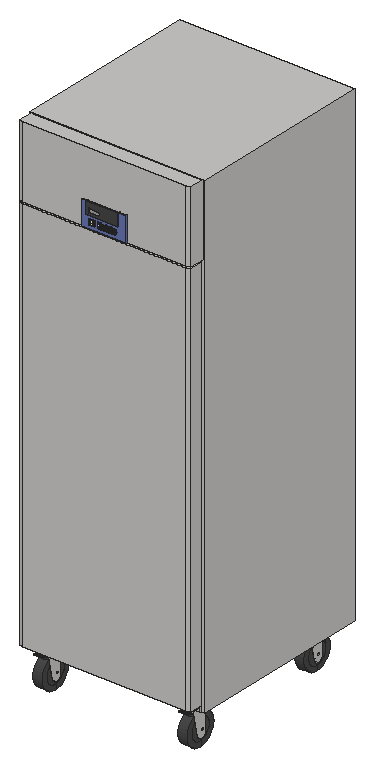
Revit family "QF_ELECTROLUXPROFESSIONAL_725191_TC671DH60", category Specialty Equipment, Revit 2018
Family settings
  Round Connector Dimension = Use Diameter
  Part Type = Normal
  Work Plane-Based = No
  Always vertical = Yes
  Cut with Voids When Loaded = No
  Shared = No
  Room Calculation Point = No
Parameters (values of type "Standard")
  Weight = 149.00 kg
  Watts = 0 W
  Volts = 220 V
  URL Manufacturer = "http://professional.electrolux.com"
  URL = "http://professional.electrolux.com"
  Steam Supply Size = 0 mm
  Steam Supply Minimum Pressure = 0.0 Pa
  Steam Supply Maximum Pressure = 0.0 Pa
  Steam Pounds per Hour = 0
  Refrigeration Suction Line Size = 0 mm
  Refrigeration Liquid Line Size = 0 mm
  Refrigerant Compressor Remote = yes
  Manufacturer = "Electrolux Professional"
  Phase = 1
  Model = "TC671DH60"
  Length Actual = 710 mm  # constant formula
  Item Number = "725191"
  Hot Water Size = 0 mm
  Height Actual = 2090 mm  # constant formula
  HP = "2.3 HP"
  Gas Size = 0 mm
  Gas KW = 0
  Gas Input Pressure = 0 W
  Direct Waste Size = 0 mm
  Description = "1-DOOR THAWING CABINET 670L, 10 POSITIONS - 220/60HZ  R290"
  Depth Actual = 835 mm  # constant formula
  Cycle = 60 Hz
  Condensate Return Size = 0 mm
  Compressed Air Volume = 0.0 L/s
  Compressed Air Size = 0 mm
  Compressed Air Pressure = 0.0 Pa
  Cold Water Size = 0 mm
  Accessory = yes
Reference planes
  plane 1 "Center (Front/Back)": y = 0
  plane 2: z = 0
  plane 3 "Center (Left/Right)": x = 0
  plane 4 "BASE": z = 150
  plane 5 "TOP": z = 2089.965
  plane 6 "FRONT": y = -417.5
  plane 7 "BACK": y = 417.5
  plane 8 "LEFT": x = -355
  plane 9 "RIGHT": x = 355
  plane 10: x = -278
  plane 11: y = 299.5
  plane 12: y = -314.5
  plane 13: x = 278
Forms (mm)
  Extrusion 1, solid, material "QF_Finishes_Stainless Steel"
    sketch origin (0, 0, 150) x (-1, 0, 0) y (0, -1, 0)
      loop
        line (355, -417.5) -> (355, 345.5) -> (-355, 345.5) -> (-355, -417.5) -> (355, -417.5)
    from 0 to 1940
  Extrusion 2, solid
    sketch origin (0, 417.5, 1660) x (-1, 0, 0) y (0, 0, 1)
      loop
        circle (339, 164) r 10
    from 0 to 3.2
  Extrusion 3, solid, material "QF_Door-Drawer Clearances", detail levels coarse
    sketch origin (0, 0, 150) x (-1, 0, 0) y (0, -1, 0)
      loop
        line (-345, 409.5) -> (-283, 409.5) -> (-283, 1006.5) -> (-301, 1006.5) -> (-301, 1024.5) -> (-323, 1024.5) -> (-323, 1062.5) -> (-345, 1062.5) -> (-345, 409.5)
    from 1642.965 to 28
  Extrusion 4, solid, material "QF_Door-Drawer Clearances", detail levels coarse
    sketch origin (0, 0, 150) x (-1, 0, 0) y (0, -1, 0)
      loop
        line (-283, 409.5) -> (347, 409.5)
        arc (347, 409.5) -> (150.684, 878.295) -> (-323, 1062.5) r 650
        line (-323, 1062.5) -> (-323, 1024.5) -> (-301, 1024.5) -> (-301, 1006.5) -> (-283, 1006.5) -> (-283, 409.5)
    from 1642.965 to 28
  Extrusion 5, solid, material "QF_Clearances", detail levels coarse
    sketch origin (0, 0, 150) x (-1, 0, 0) y (0, -1, 0)
      loop
        line (355, 417.5) -> (355, -417.5) -> (-355, -417.5) -> (-355, 417.5) -> (-455, 417.5) -> (-455, -517.5) -> (455, -517.5) -> (455, 417.5) -> (355, 417.5)
    from -150 to 1940
  Extrusion 6, void
    sketch origin (0, 417.5, 0) x (-1, 0, 0) y (0, 0, 1)
      loop
        line (280, 1764.931) -> (-280, 1764.931) -> (-280, 220) -> (0, 210) -> (280, 219.676) -> (280, 1764.931)
    from -56 to -763
  Extrusion 7, solid, material "QF_Finishes_Stainless Steel"
    sketch origin (0, 0, 150) x (-1, 0, 0) y (0, -1, 0)
      loop
        circle (0, 254.5) r 7.938
    from 0 to -10
  Extrusion 8, solid, material "QF_Clearances", detail levels coarse
    sketch origin (0, 0, 150) x (-1, 0, 0) y (0, -1, 0)
      loop
        line (455, 417.5) -> (-455, 417.5) -> (-455, -517.5) -> (455, -517.5) -> (455, 417.5)
    from 2440 to 1940
Cuts and joins
  Extrusion 6 cuts Extrusion 1
Lines and regions (mm)
  symbolic lines, style "SpecialityEquipmentHiddenLines"
    curve 1: line (345, -409.5, 150) -> (345, -1062.5, 150)
    curve 2: line (345, -1062.5, 150) -> (323, -1062.5, 150)
    curve 3: line (283, -409.5, 150) -> (283, -1006.5, 150)
    curve 4: line (323, -1062.5, 150) -> (323, -1024.5, 150)
    curve 5: line (323, -1024.5, 150) -> (301, -1024.5, 150)
    curve 6: line (301, -1024.5, 150) -> (301, -1006.5, 150)
    curve 7: line (301, -1006.5, 150) -> (283, -1006.5, 150)
    curve 8: arc (-347, -409.5, 150) -> (-150.684, -878.295, 150) -> (323, -1062.5, 150) r 650
  symbolic lines, style "QF_Clearances", detail levels coarse
    curve 9: line (-355, -417.5, 2089.965) -> (-455, -417.5, 2089.965)
    curve 10: line (-455, -417.5, 2089.965) -> (-455, 517.5, 2089.965)
    curve 11: line (-455, 517.5, 2089.965) -> (455, 517.5, 2089.965)
    curve 12: line (455, 517.5, 2089.965) -> (455, -417.5, 2089.965)
    curve 13: line (455, -417.5, 2089.965) -> (355, -417.5, 2089.965)
  symbolic lines
    curve 14: line (355, 417.5, 150) -> (-355, 417.5, 150)
    curve 15: line (355, -345.5, 150) -> (355, 417.5, 150)
    curve 16: line (-355, -345.5, 150) -> (355, -345.5, 150)
    curve 17: line (-355, 417.5, 150) -> (-355, -345.5, 150)
Dimensions and locks
  equal spacing: plane 7 "BACK", plane 1 "Center (Front/Back)", plane 6 "FRONT"
  equal spacing: plane 8 "LEFT", plane 3 "Center (Left/Right)", plane 9 "RIGHT"
  plane 8 "LEFT" to plane 9 "RIGHT" = 710 mm
  plane 7 "BACK" to plane 6 "FRONT" = 835 mm
  plane 5 "TOP" to plane 2 = 2089.965 mm
  Extrusion 8 to Extrusion 8 = 500 mm
  plane 8 "LEFT" to plane 10 = 77 mm  (x2)
  plane 7 "BACK" to plane 11 = 118 mm
  plane 11 to plane 12 = 614 mm
  plane 13 to plane 9 "RIGHT" = 77 mm
  plane 9 "RIGHT" to plane 13 = 77 mm
  aligned and locked: level to plane 2
Automatic sketch dimensions
  curve 13 to plane 6 "FRONT" = 0 mm
  curve 13 to plane 9 "RIGHT" = 0 mm
  curve 9 to plane 6 "FRONT" = 0 mm
  curve 9 to plane 8 "LEFT" = 0 mm
  curve 11 to plane 9 "RIGHT" = 100 mm
  curve 9 to curve 10 = 100 mm
  plane 7 "BACK" to curve 11 = 100 mm
  Extrusion 1 sketch curve to plane 7 "BACK" = 0 mm
  Extrusion 1 sketch curve to plane 9 "RIGHT" = 0 mm
  Extrusion 1 sketch curve to plane 8 "LEFT" = 0 mm
  plane 6 "FRONT" to Extrusion 1 sketch curve = 72 mm
  plane 8 "LEFT" to Extrusion 2 sketch curve = 16 mm
  Extrusion 2 sketch curve to plane 5 "TOP" = 265.965 mm
  plane 9 "RIGHT" to Extrusion 3 sketch curve = 10 mm
  plane 9 "RIGHT" to Extrusion 3 sketch curve = 32 mm
  Extrusion 3 sketch curve to Extrusion 3 sketch curve = 22 mm
  plane 6 "FRONT" to Extrusion 3 sketch curve = 8 mm
  Extrusion 3 sketch curve to Extrusion 3 sketch curve = 62 mm
  Extrusion 3 sketch curve to plane 6 "FRONT" = 589 mm
  Extrusion 3 sketch curve to Extrusion 3 sketch curve = 18 mm
  Extrusion 3 sketch curve to Extrusion 3 sketch curve = 38 mm
  plane 9 "RIGHT" to Extrusion 4 sketch curve = 32 mm
  plane 6 "FRONT" to Extrusion 4 sketch curve = 4.692 mm
  plane 9 "RIGHT" to Extrusion 4 sketch curve = 52.008 mm
  Extrusion 4 sketch curve to Extrusion 4 sketch curve = 22 mm
  Extrusion 4 sketch curve to Extrusion 4 sketch curve = 18 mm  (x2)
  plane 8 "LEFT" to Extrusion 4 sketch curve = 8 mm
  plane 6 "FRONT" to Extrusion 4 sketch curve = 8 mm
  Extrusion 4 sketch curve to Extrusion 4 sketch curve = 56 mm
  Extrusion 5 sketch curve to plane 6 "FRONT" = 0 mm  (x2)
  Extrusion 5 sketch curve to plane 7 "BACK" = 0 mm
  Extrusion 5 sketch curve to plane 9 "RIGHT" = 0 mm
  Extrusion 5 sketch curve to plane 8 "LEFT" = 0 mm
  Extrusion 5 sketch curve to plane 9 "RIGHT" = 100 mm
  Extrusion 5 sketch curve to Extrusion 5 sketch curve = 100 mm
  plane 7 "BACK" to Extrusion 5 sketch curve = 100 mm
  Extrusion 6 sketch curve to plane 3 "Center (Left/Right)" = 0 mm
  plane 9 "RIGHT" to Extrusion 6 sketch curve = 75 mm
  plane 8 "LEFT" to Extrusion 6 sketch curve = 75 mm
  plane 4 "BASE" to Extrusion 6 sketch curve = 60 mm
  plane 4 "BASE" to Extrusion 6 sketch curve = 69.676 mm
  plane 4 "BASE" to Extrusion 6 sketch curve = 70 mm
  Extrusion 6 sketch curve to plane 5 "TOP" = 325.035 mm
  Extrusion 7 sketch curve to plane 3 "Center (Left/Right)" = 0 mm
  plane 6 "FRONT" to Extrusion 7 sketch curve = 163 mm
  Extrusion 8 sketch curve to plane 6 "FRONT" = 0 mm
  Extrusion 8 sketch curve to plane 9 "RIGHT" = 100 mm
  plane 7 "BACK" to Extrusion 8 sketch curve = 100 mm
  Extrusion 8 sketch curve to plane 8 "LEFT" = 100 mm
  curve 15 to plane 7 "BACK" = 0 mm
  curve 15 to plane 9 "RIGHT" = 0 mm
  curve 16 to plane 8 "LEFT" = 0 mm
  plane 9 "RIGHT" to curve 2 = 10 mm
  plane 9 "RIGHT" to curve 5 = 32 mm
  plane 6 "FRONT" to curve 8 = 4.692 mm
  plane 13 to curve 8 = 24.992 mm
  curve 4 to curve 6 = 22 mm
  plane 13 to curve 7 = 5 mm
  curve 17 to plane 12 = 31 mm
  curve 7 to plane 6 "FRONT" = 589 mm
  curve 6 to curve 6 = 18 mm
  curve 4 to curve 2 = 38 mm
  plane 6 "FRONT" to curve 8 = 8 mm
  plane 6 "FRONT" to curve 3 = 8 mm
  plane 6 "FRONT" to curve 1 = 8 mm
  radius of Extrusion 2 sketch curve = 10 mm
  radius of Extrusion 7 sketch curve = 7.938 mm
Nested families
  nested 1: "QF_725191_Door" at (0, -345.5, 1008.365) x (1, 0, 0) z (0, -1, 0), type "QF_725191_Door"
    with Show Clearance yes
  nested 2: "QF_REFRIG_WHEEL150" at (-278, 355.15, 0), type "QF_REFRIG_WHEEL150"
    with Type Mark "", Status "", Specification by User "", Revision Code "", Item Number "", Installed By "", Identify Quantity as Lot yes, Furnished By "", Foodservice Equipment Identifier yes
  nested 3: "QF_REFRIG_WHEEL150" at (278, 355.15, 0), type "QF_REFRIG_WHEEL150"
    with Type Mark "", Status "", Specification by User "", Revision Code "", Item Number "", Installed By "", Identify Quantity as Lot yes, Furnished By "", Foodservice Equipment Identifier yes
  nested 4: "QF_REFRIG_WHEEL150_LOCKED" at (-295, -258.85, 0), type "QF_REFRIG_WHEEL150_LOCKED"
    with Type Mark "", Status "", Specification by User "", Revision Code "", Item Number "", Installed By "", Identify Quantity as Lot yes, Furnished By "", Foodservice Equipment Identifier yes
  nested 5: "QF_REFRIG_WHEEL150_LOCKED" at (295, -258.85, 0), type "QF_REFRIG_WHEEL150_LOCKED"
    with Type Mark "", Status "", Specification by User "", Revision Code "", Item Number "", Installed By "", Identify Quantity as Lot yes, Furnished By "", Foodservice Equipment Identifier yes
Connectors
  electrical at (-339, 420.7, 1824), driven by "Volts"
    settings: on Extrusion 2, index 2, voltage 220 V, apparent load 0 VA, apparent load phase1 0 VA, apparent load phase2 0 VA, apparent load phase3 0 VA, power factor 1, load classification "Other", number of poles 1, system type 30, power factor state 1, is connector primary yes, connector utility no, sub classification motor no, connector description "Electrical Connection"
  piping at (0, -254.5, 140), diameter 15.875
    settings: on Extrusion 7, index 3, connector inside diameter 609.6 mm, connector length 0 mm, flow factor 0, pipe flow 0.0 L/s, pressure drop 0.0 Pa, fitting loss kfactor 0, connector angle 0.00°, fixture units 0, engagement length 0 mm, angle of deflection 0.00°, flow configuration 1, flow direction 2, fitting loss method 0, system type 16, joint type 0, gender type 0, connector reference index -1, connector utility 0, adjustable connector no, is connector primary yes, connector description "Drain"
Definition of nested family "QF_725191_Door"
  Parameters
    Show Clearance [instance] = yes
    Model = "725192"
    Default Elevation = 1219.2 mm
  Reference planes
    plane 1 "Center (Front/Back)": y = 0
    plane 2: z = 0
    plane 3 "Center (Left/Right)": x = 0
  Forms (mm)
    Extrusion 1, solid
      sketch origin (0, -919.2, 0) x (1, 0, 0) y (0, 1, 0)
        loop
          line (-460, 2119.2) -> (-460, -162.846) -> (488.967, -162.846) -> (488.967, 2119.2) -> (-460, 2119.2)
      from 0 to -59.546
    Extrusion 2, solid
      sketch origin (0, 0, 0) x (1, 0, 0) y (0, 0, 1)
        loop
          line (-347, 60) -> (-347, 0) -> (347, 0) -> (347, 60) -> (332, 64) -> (-332, 64) -> (-347, 60)
      from -1081.6 to -791.6
    Extrusion 3, solid
      sketch origin (0, 0, 0) x (1, 0, 0) y (0, 0, 1)
        loop
          line (-347, 60) -> (-347, 26) -> (-325, 26) -> (-325, 8) -> (-307, 8) -> (-307, 0) -> (339, 0) -> (339, 8) -> (347, 8) -> (347, 60) -> (332, 64) -> (-332, 64) -> (-347, 60)
      from -784.6 to 830.4
    Extrusion 4, solid
      sketch origin (119, -516.365, 0) x (0, 1, 0) y (0, 0, 1)
        loop
          line (-323.003, 40.312) -> (-316.501, 40.312) -> (-316.501, 42.812) -> (-325.503, 42.812) -> (-325.503, 2.5) -> (-342, 2.5) -> (-342, 0) -> (-323.003, 0) -> (-323.003, 12.259) -> (-323.003, 40.312)
        loop
          line (-314, 38.311) -> (-316.501, 38.311) -> (-316.501, 14.304) -> (-319.752, 14.304) -> (-319.752, 11.804) -> (-314, 11.804) -> (-314, 38.311)
      from 185 to 220
    Extrusion 5, solid
      sketch origin (119, 469.597, 0) x (0, 1, 0) y (0, 0, 1)
        loop
          line (315.003, 27.948) -> (315.003, 2.948) -> (315.003, 0) -> (322.003, 0) -> (322.003, 2.5) -> (317.503, 2.5) -> (317.503, 27.948) -> (315.003, 27.948)
      from 185 to 220
  Lines and regions (mm)
    symbolic lines
      curve 1: line (-332, 0, 64) -> (332, 0, 64)
      curve 2: line (-347, 0, 0) -> (-347, 0, 60)
      curve 3: line (347, 0, 0) -> (-347, 0, 0)
      curve 4: line (347, 0, 60) -> (347, 0, 0)
      curve 5: line (-347, 0, 26) -> (-325, 0, 26)
      curve 6: line (-325, 0, 26) -> (-325, 0, 8)
      curve 7: line (-325, 0, 8) -> (-307, 0, 8)
      curve 8: line (-307, 0, 8) -> (-307, 0, 0)
      curve 9: line (339, 0, 8) -> (347, 0, 8)
      curve 10: line (339, 0, 8) -> (339, 0, 0)
      curve 11: line (-332, 0, 64) -> (-347, 0, 60)
      curve 12: line (332, 0, 64) -> (347, 0, 60)
  Dimensions and locks
    aligned and locked: plane 2 to Extrusion 1
    aligned and locked: level to Extrusion 1
  Nested families
    nested 1: "QF_DisplayCabinets180x100" at (0, 841.6, 64), type "QF_DisplayCabinets180x100"
      with Show Clearance yes
  Definition of nested family "QF_DisplayCabinets180x100"
    Parameters
      Show Clearance [instance] = yes
      Model = ""
      Default Elevation = 0 mm
    Reference planes
      plane 1 "Center (Front/Back)": y = 0
      plane 2: z = 0
      plane 3 "Center (Left/Right)": x = 0
    Forms (mm)
      Extrusion 1, solid
        sketch origin (0, -919.2, 0) x (1, 0, 0) y (0, 1, 0)
          loop
            line (-198.75, 1146.2) -> (-198.75, 709.567) -> (165.741, 709.567) -> (165.741, 1146.2) -> (-198.75, 1146.2)
        from 0 to -59.546
      Extrusion 2, solid
        sketch origin (0, 0, 0) x (1, 0, 0) y (0, 1, 0)
          loop
            line (-90, 50) -> (-90, -50) -> (90, -50) -> (90, 50) -> (60, 50) -> (60, 0) -> (-70, 0) -> (-70, 50) -> (-90, 50)
        from 5.4 to 0
      Extrusion 3, solid
        sketch origin (0, -30, 0) x (1, 0, 0) y (0, 1, 0)
          loop
            line (-70, 80) -> (-70, 30) -> (60, 30) -> (60, 80) -> (-70, 80)
          loop
            line (-56.633, 56.452) -> (-56.633, 39.793) -> (-11.633, 39.793) -> (-11.633, 56.452) -> (-56.633, 56.452)
        from 0 to 8
      Extrusion 4, solid
        sketch origin (0, 0, 0) x (1, 0, 0) y (0, 1, 0)
          loop
            line (-56.633, 26.452) -> (-56.633, 9.793) -> (-11.633, 9.793) -> (-11.633, 26.452) -> (-56.633, 26.452)
        from 0 to 7
      Extrusion 5, solid
        sketch origin (0, 0, 0) x (1, 0, 0) y (0, 1, 0)
          loop
            line (-43.063, -13.359) -> (-43.063, -33.154)
            arc (-43.063, -33.154) -> (-35.746, -23.257) -> (-43.063, -13.359) r 10.352
          loop
            arc (-44.07, -13.359) -> (-52.302, -15.23) -> (-56.268, -22.683) r 10.145
            line (-56.268, -22.683) -> (-52.994, -22.683)
            arc (-52.994, -22.683) -> (-47.143, -20.308) -> (-44.07, -14.793) r 9.509
            line (-44.07, -14.793) -> (-44.07, -13.359)
          loop
            arc (-44.07, -31.721) -> (-47.143, -26.205) -> (-52.994, -23.831) r 9.509
            line (-52.994, -23.831) -> (-56.268, -23.831)
            arc (-56.268, -23.831) -> (-52.309, -31.345) -> (-44.07, -33.408) r 10.411
            line (-44.07, -33.408) -> (-44.07, -31.721)
          loop
            line (-57.02, -12.279) -> (-57.02, -34.279) -> (-34.99, -34.279) -> (-34.99, -12.279) -> (-57.02, -12.279)
        from 5.4 to 7
      Extrusion 6, solid
        sketch origin (0, 0, 0) x (1, 0, 0) y (0, 1, 0)
          loop
            line (-15.272, -12.492) -> (-22.708, -12.492) -> (-22.708, -21.151)
            arc (-22.708, -21.151) -> (-21.729, -23.514) -> (-19.367, -24.492) r 3.341
            line (-19.367, -24.492) -> (-15.128, -24.492) -> (-15.128, -22.55) -> (-18.883, -22.55)
            arc (-18.883, -22.55) -> (-20.117, -22.133) -> (-20.642, -20.941) r 1.615
            line (-20.642, -20.941) -> (-20.642, -19.224) -> (-15.593, -19.224) -> (-15.593, -17.274) -> (-20.642, -17.274) -> (-20.642, -14.436) -> (-15.272, -14.436) -> (-15.272, -12.492)
          loop
            line (-13.66, -12.492) -> (-13.66, -24.492) -> (-11.593, -24.492) -> (-11.593, -12.492) -> (-13.66, -12.492)
          loop
            line (31.232, -12.492) -> (31.232, -24.492) -> (33.3, -24.492) -> (33.3, -12.492) -> (31.232, -12.492)
          loop
            line (-8.175, -20.66) -> (-1.392, -20.66)
            arc (-1.392, -20.66) -> (-2.453, -16.934) -> (-6.081, -15.575) r 4.298
            arc (-6.081, -15.575) -> (-9.277, -17.196) -> (-10.188, -20.66) r 4.373
            arc (-10.188, -20.66) -> (-8.988, -23.558) -> (-6.091, -24.758) r 4.097
            arc (-6.091, -24.758) -> (-3.837, -24.425) -> (-1.946, -23.152) r 5.15
            line (-1.946, -23.152) -> (-3.171, -21.928)
            arc (-3.171, -21.928) -> (-4.778, -22.892) -> (-6.645, -22.73) r 3.039
            arc (-6.645, -22.73) -> (-7.784, -21.972) -> (-8.175, -20.66) r 2.013
          loop
            line (-8.123, -19.207) -> (-3.469, -19.207)
            arc (-3.469, -19.207) -> (-4.122, -17.833) -> (-5.557, -17.326) r 1.983
            arc (-5.557, -17.326) -> (-7.213, -17.758) -> (-8.123, -19.207) r 2.321
          loop
            line (6.665, -18.342) -> (7.963, -17.044)
            arc (7.963, -17.044) -> (6.336, -15.866) -> (4.358, -15.514) r 4.497
            arc (4.358, -15.514) -> (1.341, -16.616) -> (-0.242, -19.411) r 4.652
            arc (-0.242, -19.411) -> (2.426, -24.31) -> (7.89, -23.18) r 4.684
            line (7.89, -23.18) -> (6.599, -21.89)
            arc (6.599, -21.89) -> (3.813, -22.811) -> (1.817, -20.66) r 2.714
            arc (1.817, -20.66) -> (1.956, -18.959) -> (3.127, -17.718) r 2.578
            arc (3.127, -17.718) -> (5.002, -17.432) -> (6.665, -18.342) r 2.961
          loop
            line (9.233, -12.492) -> (9.233, -20.693)
            arc (9.233, -20.693) -> (9.411, -21.923) -> (9.872, -23.078) r 5.301
            arc (9.872, -23.078) -> (11.347, -24.251) -> (13.216, -24.498) r 3.531
            line (13.216, -24.498) -> (13.216, -22.561)
            arc (13.216, -22.561) -> (12.66, -22.519) -> (12.142, -22.313) r 1.862
            arc (12.142, -22.313) -> (11.478, -21.611) -> (11.3, -20.66) r 1.713
            line (11.3, -20.66) -> (11.3, -17.691) -> (13.177, -17.691) -> (13.177, -15.813) -> (11.3, -15.813) -> (11.3, -12.492) -> (9.233, -12.492)
          loop
            arc (16.966, -19.93) -> (17.114, -19.065) -> (17.54, -18.298) r 2.607
            arc (17.54, -18.298) -> (18.779, -17.662) -> (20.17, -17.691) r 2.84
            line (20.17, -17.691) -> (20.17, -15.704)
            arc (20.17, -15.704) -> (18.352, -15.876) -> (16.966, -17.064) r 3.016
            line (16.966, -17.064) -> (16.966, -15.813) -> (14.916, -15.813) -> (14.916, -24.492) -> (16.966, -24.492) -> (16.966, -19.93)
          loop
            circle (25.224, -20.154) r 4.599
          loop
            circle (25.224, -20.154) r 2.787
          loop
            arc (40.755, -20.878) -> (40.245, -22.281) -> (38.861, -22.84) r 1.835
            arc (38.861, -22.84) -> (37.476, -22.281) -> (36.966, -20.878) r 1.835
            line (36.966, -20.878) -> (36.966, -15.813) -> (34.881, -15.813) -> (34.881, -21.05)
            arc (34.881, -21.05) -> (36.067, -23.754) -> (38.861, -24.712) r 3.675
            arc (38.861, -24.712) -> (41.685, -23.725) -> (42.839, -20.965) r 3.675
            line (42.839, -20.965) -> (42.839, -15.813) -> (40.755, -15.813) -> (40.755, -20.878)
          loop
            line (44.088, -15.813) -> (47.09, -19.889) -> (43.792, -24.495) -> (46.014, -24.495) -> (48.203, -21.438) -> (50.424, -24.495) -> (52.632, -24.495) -> (49.381, -19.842) -> (52.354, -15.813) -> (50.097, -15.813) -> (48.196, -18.39) -> (46.324, -15.813) -> (44.088, -15.813)
          loop
            line (-21.545, -29.467) -> (-23.194, -29.467) -> (-23.194, -33.617) -> (-22.292, -33.617) -> (-22.292, -32.188) -> (-21.295, -32.188)
            arc (-21.295, -32.188) -> (-20.179, -30.713) -> (-21.545, -29.467) r 1.372
          loop
            arc (-21.334, -31.373) -> (-20.993, -30.839) -> (-21.334, -30.306) r 0.587
            line (-21.334, -30.306) -> (-22.292, -30.306) -> (-22.292, -31.373) -> (-21.334, -31.373)
          loop
            line (-15.033, -29.467) -> (-16.71, -29.467) -> (-16.71, -33.617) -> (-15.808, -33.617) -> (-15.808, -32.188) -> (-14.935, -32.188) -> (-14.339, -33.617) -> (-13.37, -33.617) -> (-14.186, -31.867)
            arc (-14.186, -31.867) -> (-13.795, -31.4) -> (-13.664, -30.805) r 1.281
            arc (-13.664, -30.805) -> (-14.076, -29.857) -> (-15.033, -29.467) r 1.37
          loop
            line (-15.808, -30.306) -> (-15.808, -31.373) -> (-14.85, -31.373)
            arc (-14.85, -31.373) -> (-14.509, -30.839) -> (-14.85, -30.306) r 0.587
            line (-14.85, -30.306) -> (-15.808, -30.306)
          loop
            circle (-8.072, -31.542) r 2.156
          loop
            circle (-8.072, -31.542) r 1.368
          loop
            line (-2.373, -29.467) -> (-2.373, -33.617) -> (-1.493, -33.617) -> (-1.493, -32.167) -> (0.069, -32.167) -> (0.069, -31.237) -> (-1.493, -31.237) -> (-1.493, -30.361) -> (0.219, -30.361) -> (0.219, -29.467) -> (-2.373, -29.467)
          loop
            line (3.719, -29.467) -> (3.719, -32.269)
            arc (3.719, -32.269) -> (4.101, -33.219) -> (5.046, -33.614) r 1.327
            line (5.046, -33.614) -> (6.385, -33.614) -> (6.385, -32.83) -> (5.126, -32.83)
            arc (5.126, -32.83) -> (4.662, -32.447) -> (4.571, -31.852) r 0.845
            line (4.571, -31.852) -> (6.23, -31.852) -> (6.23, -31.068) -> (4.571, -31.068) -> (4.571, -30.251) -> (6.345, -30.251) -> (6.345, -29.467) -> (3.719, -29.467)
          loop
            arc (18.747, -29.993) -> (18.197, -29.542) -> (17.501, -29.398) r 1.485
            arc (17.501, -29.398) -> (16.858, -29.556) -> (16.329, -29.955) r 1.645
            arc (16.329, -29.955) -> (16.232, -30.897) -> (16.84, -31.624) r 1.217
            arc (16.84, -31.624) -> (17.351, -31.794) -> (17.836, -32.029) r 4.201
            arc (17.836, -32.029) -> (18.142, -32.39) -> (17.931, -32.814) r 0.43
            arc (17.931, -32.814) -> (17.539, -32.906) -> (17.149, -32.807) r 0.846
            arc (17.149, -32.807) -> (16.811, -32.564) -> (16.605, -32.203) r 0.983
            line (16.605, -32.203) -> (15.879, -32.542)
            arc (15.879, -32.542) -> (16.14, -33.046) -> (16.562, -33.427) r 1.595
            arc (16.562, -33.427) -> (17.04, -33.631) -> (17.557, -33.683) r 1.719
            arc (17.557, -33.683) -> (18.196, -33.556) -> (18.772, -33.25) r 2.246
            arc (18.772, -33.25) -> (19.027, -32.573) -> (18.896, -31.863) r 1.349
            arc (18.896, -31.863) -> (18.612, -31.535) -> (18.249, -31.298) r 1.564
            arc (18.249, -31.298) -> (17.79, -31.093) -> (17.32, -30.917) r 8.236
            arc (17.32, -30.917) -> (17.048, -30.494) -> (17.441, -30.181) r 0.375
            arc (17.441, -30.181) -> (17.911, -30.294) -> (18.273, -30.616) r 0.998
            line (18.273, -30.616) -> (18.747, -29.993)
          loop
            line (22.554, -29.467) -> (22.554, -33.614) -> (23.407, -33.614) -> (23.407, -29.467) -> (22.554, -29.467)
          loop
            circle (29.157, -31.541) r 1.29
          loop
            circle (29.157, -31.541) r 2.154
          loop
            line (34.878, -33.614) -> (35.739, -33.614) -> (35.739, -31.007) -> (37.636, -33.614) -> (38.465, -33.614) -> (38.465, -29.467) -> (37.604, -29.467) -> (37.604, -32.154) -> (35.707, -29.467) -> (34.878, -29.467) -> (34.878, -33.614)
          loop
            line (42.765, -33.614) -> (43.169, -32.72) -> (44.703, -32.72) -> (45.106, -33.614) -> (46.023, -33.614) -> (44.271, -29.467) -> (43.471, -29.467) -> (41.849, -33.614) -> (42.765, -33.614)
          loop
            line (44.32, -31.869) -> (43.909, -30.958) -> (43.51, -31.869) -> (44.32, -31.869)
          loop
            line (50.258, -32.83) -> (50.258, -29.467) -> (49.406, -29.467) -> (49.406, -33.614) -> (51.853, -33.614) -> (51.853, -32.83) -> (50.258, -32.83)
          loop
            arc (12.529, -29.993) -> (11.98, -29.542) -> (11.284, -29.398) r 1.485
            arc (11.284, -29.398) -> (10.641, -29.556) -> (10.112, -29.955) r 1.645
            arc (10.112, -29.955) -> (10.014, -30.897) -> (10.622, -31.624) r 1.217
            arc (10.622, -31.624) -> (11.133, -31.794) -> (11.618, -32.029) r 4.201
            arc (11.618, -32.029) -> (11.925, -32.39) -> (11.714, -32.814) r 0.43
            arc (11.714, -32.814) -> (11.322, -32.906) -> (10.931, -32.807) r 0.846
            arc (10.931, -32.807) -> (10.594, -32.564) -> (10.387, -32.203) r 0.983
            line (10.387, -32.203) -> (9.662, -32.542)
            arc (9.662, -32.542) -> (9.923, -33.046) -> (10.345, -33.427) r 1.595
            arc (10.345, -33.427) -> (10.823, -33.631) -> (11.34, -33.683) r 1.719
            arc (11.34, -33.683) -> (11.979, -33.556) -> (12.555, -33.25) r 2.246
            arc (12.555, -33.25) -> (12.809, -32.573) -> (12.678, -31.863) r 1.349
            arc (12.678, -31.863) -> (12.394, -31.535) -> (12.031, -31.298) r 1.564
            arc (12.031, -31.298) -> (11.573, -31.093) -> (11.102, -30.917) r 8.236
            arc (11.102, -30.917) -> (10.83, -30.494) -> (11.223, -30.181) r 0.375
            arc (11.223, -30.181) -> (11.694, -30.294) -> (12.056, -30.616) r 0.998
            line (12.056, -30.616) -> (12.529, -29.993)
        from 5.4 to 7
    Lines and regions (mm)
      symbolic lines
        curve 1: line (52.518, 0, 4) -> (-53.037, 0, 4)
        curve 2: line (40, 0, 4) -> (40, 0, 8)
        curve 3: line (40, 0, 8) -> (-40, 0, 8)
        curve 4: line (-40, 0, 8) -> (-40, 0, 4)
        curve 5: line (-64.765, 0, 0) -> (-53.037, 0, 4)
        curve 6: line (52.518, 0, 4) -> (64.135, 0, 0)
    Dimensions and locks
      aligned and locked: plane 2 to Extrusion 1
      aligned and locked: level to Extrusion 1
Definition of nested family "QF_REFRIG_WHEEL150"
  Parameters
    Weight = ""
    URL Manufacturer = ""
    URL Cutsheet = ""
    URL = ""
    Type Mark [instance] = ""
    Status [instance] = ""
    Specification by User [instance] = ""
    Specification by Manufacturer = ""
    Serial Number = ""
    Seismic Rating = ""
    SMACNA No = ""
    Revision Code [instance] = ""
    Omniclass Number and Title = ""
    NAFEM Spec ID Number = ""
    Model = ""
    MasterSpec. = ""
    Manufacturer = ""
    Item Number [instance] = ""
    Installed By [instance] = ""
    Identify Quantity as Lot [instance] = yes
    Furnished By [instance] = ""
    Foodservice Equipment Identifier [instance] = yes
    Description = ""
    CSI MasterFormat = ""
    CSI Master Format = ""
    Assembly Code = ""
  Reference planes
    plane 1: z = 0
    plane 2 "Center (Left/Right)": x = 0
    plane 3 "Center (Top/Bottom)": y = -55.65
    plane 4 "TOP": z = 150
  Forms (mm)
    Revolve 1, solid
      sketch origin (46.04, -55.65, -25.504) x (-1, 0, 0) y (0, 0, 1)
        loop
          line (68.94, 88.116) -> (70.615, 88.116) -> (71.885, 89.386) -> (71.885, 91.304) -> (68.94, 91.304) -> (68.94, 88.116)
        loop
          line (23.171, 88.116) -> (23.171, 91.304) -> (20.196, 91.304) -> (20.196, 89.386) -> (21.466, 88.116) -> (23.171, 88.116)
        axis (20.196, 91.304) -> (71.885, 91.304)
      angle from 0 to 360
    Revolve 2, solid
      sketch origin (0, -74.432, -31.75) x (0, -1, 0) y (0, 0, 1)
        loop
          line (-18.782, 181.75) -> (-34.723, 181.75) -> (-34.723, 176.522) -> (-18.782, 176.522) -> (-18.782, 181.75)
        axis (-18.782, 176.522) -> (-18.782, 181.75)
      angle from 0 to 360
    Extrusion 3, solid
      sketch origin (-51, -81.798, -19.154) x (0, -1, 0) y (0, 0, -1)
        loop
          line (-45.49, -158.354) -> (12.282, -158.354) -> (-10.225, -62.197)
          arc (-10.225, -62.197) -> (-31.417, -53.19) -> (-45.49, -71.415) r 18.837
          line (-45.49, -71.415) -> (-45.49, -158.354)
      from 71.611 to 73.87
    Extrusion 4, solid
      sketch origin (50.97, -81.798, -19.154) x (0, -1, 0) y (0, 0, 1)
        loop
          line (-45.49, 163.926) -> (-45.49, 158.354) -> (14.51, 158.354) -> (14.51, 163.926) -> (-45.49, 163.926)
      from 28.1 to 73.87
    Extrusion 5, solid
      sketch origin (-94.51, -81.798, -19.154) x (0, -1, 0) y (0, 0, -1)
        loop
          line (-45.49, -158.354) -> (12.282, -158.354) -> (-10.225, -62.197)
          arc (-10.225, -62.197) -> (-31.417, -53.19) -> (-45.49, -71.415) r 18.837
          line (-45.49, -71.415) -> (-45.49, -158.354)
      from 71.611 to 73.87
    Revolve 6, solid
      sketch origin (46.04, -55.65, -25.504) x (-1, 0, 0) y (0, 0, 1)
        loop
          line (25.43, 91.304) -> (25.43, 85.067) -> (30.739, 85.067) -> (30.739, 44.951) -> (26.99, 44.951) -> (26.99, 25.504) -> (65.09, 25.504) -> (65.09, 44.951) -> (61.342, 44.951) -> (61.342, 85.067) -> (66.681, 85.067) -> (66.681, 91.304) -> (25.43, 91.304)
        axis (25.43, 91.304) -> (66.681, 91.304)
      angle from 0 to 360
  Cuts and joins
    joined: Revolve 2, Extrusion 3, Extrusion 4
  Dimensions and locks
    plane 4 "TOP" to level = 150 mm  (x3)
    aligned and locked: level to plane 1
    aligned and locked: cut or joined group of Revolve 2, Extrusion 3, Extrusion 4 to plane 4 "TOP"
Definition of nested family "QF_REFRIG_WHEEL150_LOCKED"
  Parameters
    Weight = ""
    URL Manufacturer = ""
    URL Cutsheet = ""
    URL = ""
    Type Mark [instance] = ""
    Status [instance] = ""
    Specification by User [instance] = ""
    Specification by Manufacturer = ""
    Serial Number = ""
    Seismic Rating = ""
    SMACNA No = ""
    Revision Code [instance] = ""
    Omniclass Number and Title = ""
    NAFEM Spec ID Number = ""
    Model = ""
    MasterSpec. = ""
    Manufacturer = ""
    Item Number [instance] = ""
    Installed By [instance] = ""
    Identify Quantity as Lot [instance] = yes
    Furnished By [instance] = ""
    Foodservice Equipment Identifier [instance] = yes
    Description = ""
    CSI MasterFormat = ""
    CSI Master Format = ""
    Assembly Code = ""
  Reference planes
    plane 1: z = 0
    plane 2 "Center (Left/Right)": x = 0
    plane 3 "Center (Top/Bottom)": y = -55.65
    plane 4 "TOP": z = 150
  Forms (mm)
    Revolve 1, solid
      sketch origin (46.04, -55.65, -25.504) x (-1, 0, 0) y (0, 0, 1)
        loop
          line (68.94, 88.116) -> (70.615, 88.116) -> (71.885, 89.386) -> (71.885, 91.304) -> (68.94, 91.304) -> (68.94, 88.116)
        loop
          line (23.171, 88.116) -> (23.171, 91.304) -> (20.196, 91.304) -> (20.196, 89.386) -> (21.466, 88.116) -> (23.171, 88.116)
        axis (20.196, 91.304) -> (71.885, 91.304)
      angle from 0 to 360
    Revolve 2, solid
      sketch origin (0, -74.432, -31.75) x (0, -1, 0) y (0, 0, 1)
        loop
          line (-18.782, 181.75) -> (-34.723, 181.75) -> (-34.723, 176.522) -> (-18.782, 176.522) -> (-18.782, 181.75)
        axis (-18.782, 176.522) -> (-18.782, 181.75)
      angle from 0 to 360
    Extrusion 3, solid
      sketch origin (-51, -81.798, -19.154) x (0, -1, 0) y (0, 0, -1)
        loop
          line (-45.49, -158.354) -> (12.282, -158.354) -> (-10.225, -62.197)
          arc (-10.225, -62.197) -> (-31.417, -53.19) -> (-45.49, -71.415) r 18.837
          line (-45.49, -71.415) -> (-45.49, -158.354)
      from 71.611 to 73.87
    Extrusion 4, solid
      sketch origin (50.97, -81.798, -19.154) x (0, -1, 0) y (0, 0, 1)
        loop
          line (-45.49, 163.926) -> (-45.49, 158.354) -> (14.51, 158.354) -> (14.51, 163.926) -> (-45.49, 163.926)
      from 28.1 to 73.87
    Extrusion 5, solid
      sketch origin (-94.51, -81.798, -19.154) x (0, -1, 0) y (0, 0, -1)
        loop
          line (-45.49, -158.354) -> (12.282, -158.354) -> (-10.225, -62.197)
          arc (-10.225, -62.197) -> (-31.417, -53.19) -> (-45.49, -71.415) r 18.837
          line (-45.49, -71.415) -> (-45.49, -158.354)
      from 71.611 to 73.87
    Extrusion 6, solid
      sketch origin (-20.641, -99.307, 4.258) x (0, 1, 0) y (0, 0, 1)
        loop
          line (3.34, 130.149) -> (-17.127, 138.418) -> (-18.513, 134.987) -> (1.954, 126.718) -> (24.151, 124.385) -> (31.776, 127.16) -> (22.158, 128.171) -> (22.158, 134.943) -> (14.535, 134.943) -> (14.535, 128.972) -> (3.34, 130.149)
      from 0 to 41.251
    Revolve 7, solid
      sketch origin (46.04, -55.65, -25.504) x (-1, 0, 0) y (0, 0, 1)
        loop
          line (25.43, 91.304) -> (25.43, 85.067) -> (30.739, 85.067) -> (30.739, 44.951) -> (26.99, 44.951) -> (26.99, 25.504) -> (65.09, 25.504) -> (65.09, 44.951) -> (61.342, 44.951) -> (61.342, 85.067) -> (66.681, 85.067) -> (66.681, 91.304) -> (25.43, 91.304)
        axis (25.43, 91.304) -> (66.681, 91.304)
      angle from 0 to 360
  Cuts and joins
    joined: Revolve 2, Extrusion 3, Extrusion 4
  Dimensions and locks
    plane 4 "TOP" to level = 150 mm  (x3)
    aligned and locked: level to plane 1
    aligned and locked: cut or joined group of Revolve 2, Extrusion 3, Extrusion 4 to plane 4 "TOP"
